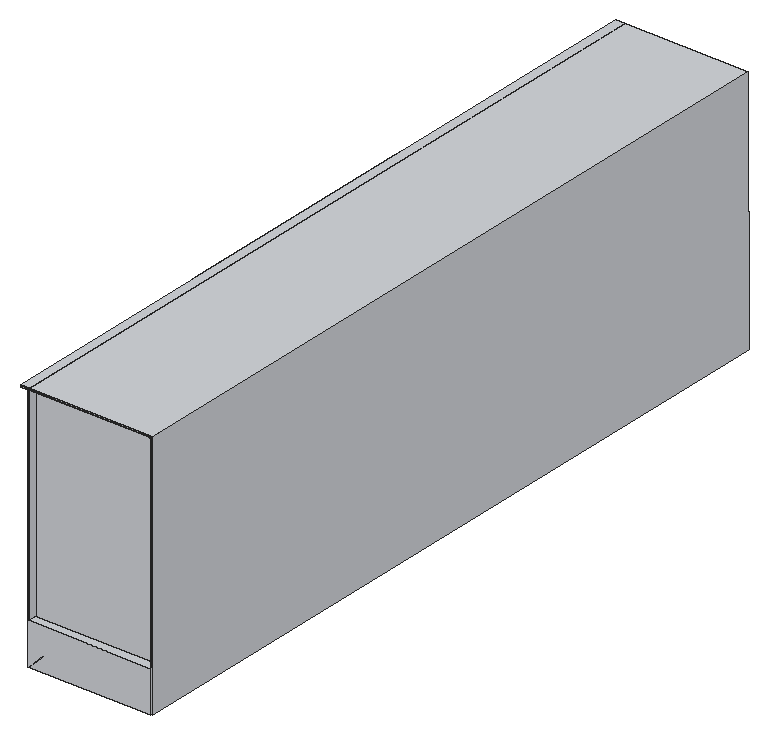
Revit family "Plenum (P-N, P-L) (Arrangement A) (Oval Inlet)", category Mechanical Equipment, Revit 2015
Parameters
  Width = 0' - 6"
  URL = "https://unitedenertech.com/catalog/pdf/I_2%20Model%20P-N,%20P-L,%20P-EX,%20P-N-SL,%20P-L-SL,%20P-EX-SL.pdf"
  Type Comments = "Consult Factory for Max. Sizes"
  P-L (Insulation Option) = yes
  Model = "P-N / P-L (Arrangement A) (Oval Inlet)"
  Manufacturer = "United Enertech Corporation"
  Major Axis = 1' - 6"
  Length = 3' - 0"
  Keynote = "Model Shown without Damper Option. Consult Factory for Models with Dampers."
  Minor Axis = 0' - 6"
  Hem Option = yes
  Height = 1' - 0"
  Description = "Plenum for Diffusers"
  Center-Center [instance] = Major Axis - Minor Axis  # 1' - 0"
Reference planes (in)
  plane 1 "Center (Front/Back)": y = 0
  plane 2: z = 0
  plane 3 "Center (Left/Right)": x = 0
  plane 4: x = 6
  plane 5: x = -1.5
  plane 6: x = 0.035
  plane 7: x = 5.965
  plane 8: z = 12
  plane 9: z = 11.965
  plane 10: z = 11.93
  plane 11: z = 11
  plane 12: z = 2
  plane 13: z = 5
  plane 14: z = 8
  plane 15: y = 18
  plane 16: y = -18
  plane 17: y = 6
  plane 18: y = -6
  plane 19: y = -17.965
  plane 20: y = 17.965
  plane 21: x = -0.375
  plane 22: y = 17.59
  plane 23: y = 17.55484
  plane 24: y = -17.59
  plane 25: y = -17.55484
  plane 26: z = 1.96484
  plane 27: x = 0.07016
  plane 28: x = 5.92984
  plane 29: y = 17.05484
  plane 30: x = 0.57016
  plane 31: x = 5.42984
  plane 32: y = -17.05484
  plane 33: z = 11.43
  plane 34: y = 9
  plane 35: y = -9
  plane 36: z = 4.96484
  plane 37: y = -9.03516
  plane 38: y = 9.03516
  plane 39: z = 11.03516
Forms (in)
  Extrusion 1, solid
    sketch origin (0, 0, 0) x (1, 0, 0) y (0, 0, 1)
      loop
        line (-0.375, 12) -> (-0.375, 11.965) -> (5.965, 11.965) -> (5.965, 0) -> (6, 0) -> (6, 12) -> (-0.375, 12)
    from -17.965 to 17.965
  Extrusion 2, solid
    sketch origin (0, 0, 0) x (1, 0, 0) y (0, 0, 1)
      loop
        line (-0.375, 11.965) -> (-0.375, 11.93) -> (0, 11.93) -> (0, 0) -> (0.035, 0) -> (0.035, 11.965) -> (-0.375, 11.965)
    from -17.965 to 17.965
  Extrusion 3, solid
    sketch origin (0, 0, 0) x (0, 1, 0) y (0, 0, 1)
      loop
        line (17.965, 11.965) -> (17.55484, 11.965) -> (17.55484, 1.96484) -> (17.965, 1.96484) -> (17.965, 0) -> (18, 0) -> (18, 2) -> (17.59, 2) -> (17.59, 11.93) -> (17.965, 11.93) -> (17.965, 11.965)
    from 0.035 to 5.965
  Extrusion 4, solid
    sketch origin (0, 0, 0) x (0, 1, 0) y (0, 0, 1)
      loop
        line (-17.965, 11.965) -> (-17.965, 11.93) -> (-17.59, 11.93) -> (-17.59, 2) -> (-18, 2) -> (-18, 0) -> (-17.965, 0) -> (-17.965, 1.96484) -> (-17.55484, 1.96484) -> (-17.55484, 11.965) -> (-17.965, 11.965)
    from 0.035 to 5.965
  Extrusion 5, solid
    sketch origin (0, 0, 0) x (1, 0, 0) y (0, 0, 1)
      loop
        line (0.035, 2) -> (0.07016, 2) -> (0.07016, 11.93) -> (0.035, 11.93) -> (0.035, 2)
    from 17.59 to 17.965
  Extrusion 6, solid
    sketch origin (0, 0, 0) x (1, 0, 0) y (0, 0, 1)
      loop
        line (0.035, 2) -> (0.07016, 2) -> (0.07016, 11.93) -> (0.035, 11.93) -> (0.035, 2)
    from -17.965 to -17.59
  Extrusion 7, solid
    sketch origin (0, 0, 0) x (1, 0, 0) y (0, 0, 1)
      loop
        line (5.92984, 2) -> (5.965, 2) -> (5.965, 11.93) -> (5.92984, 11.93) -> (5.92984, 2)
    from 17.59 to 17.965
  Extrusion 8, solid
    sketch origin (0, 0, 0) x (1, 0, 0) y (0, 0, 1)
      loop
        line (5.92984, 2) -> (5.965, 2) -> (5.965, 11.93) -> (5.92984, 11.93) -> (5.92984, 2)
    from -17.965 to -17.59
  Extrusion 9, solid, material "Rigid insulation", visible <- "P-L (Insulation Option)"
    sketch origin (0, 0, 0) x (1, 0, 0) y (0, 0, 1)
      loop
        line (0.07016, 11.43) -> (5.92984, 11.43) -> (5.92984, 11.93) -> (0.07016, 11.93) -> (0.07016, 11.43)
    from -17.55484 to 17.55484
  Extrusion 10, solid, material "Rigid insulation", visible <- "P-L (Insulation Option)"
    sketch origin (0, 0, 0) x (1, 0, 0) y (0, 1, 0)
      loop
        line (0.57016, -17.05484) -> (5.42984, -17.05484) -> (5.42984, 17.05484) -> (0.57016, 17.05484) -> (0.57016, -17.05484)
      loop
        line (0.07016, -17.55484) -> (5.92984, -17.55484) -> (5.92984, 17.55484) -> (0.07016, 17.55484) -> (0.07016, -17.55484)
    from 2 to 11.43
  Extrusion 11, solid, visible <- "Hem Option"
    sketch origin (0, 0, 0) x (1, 0, 0) y (0, 0, 1)
      loop
        line (0.07016, 0) -> (0.77726, 0.70711) -> (0.7524, 0.73197) -> (0.07016, 0.04972) -> (0.07016, 0)
    from -17.965 to 17.965
  Extrusion 12, solid, visible <- "Hem Option"
    sketch origin (0, 0, 0) x (1, 0, 0) y (0, 0, 1)
      loop
        line (5.92984, 0) -> (5.92984, 0.04972) -> (5.2476, 0.73197) -> (5.22274, 0.70711) -> (5.92984, 0)
    from -17.965 to 17.965
  Extrusion 13, void
    sketch origin (0, 0, 0) x (0, 1, 0) y (0, 0, 1)
      loop
        arc (6, 5) -> (9, 8) -> (6, 11) r 3
        line (6, 11) -> (-6, 11)
        arc (-6, 11) -> (-9, 8) -> (-6, 5) r 3
        line (-6, 5) -> (6, 5)
    from -1.5 to 0.57016
  Extrusion 14, solid
    sketch origin (0, 0, 0) x (0, 1, 0) y (0, 0, 1)
      loop
        arc (6, 5) -> (9, 8) -> (6, 11) r 3
        line (6, 11) -> (-6, 11)
        arc (-6, 11) -> (-9, 8) -> (-6, 5) r 3
        line (-6, 5) -> (6, 5)
      loop
        line (6, 11.03516) -> (-6, 11.03516)
        arc (-6, 11.03516) -> (-9.03516, 8) -> (-6, 4.96484) r 3.03516
        line (-6, 4.96484) -> (6, 4.96484)
        arc (6, 4.96484) -> (9.03516, 8) -> (6, 11.03516) r 3.03516
    from -1.5 to 0
Cuts and joins
  Extrusion 13 cuts Extrusion 1
  Extrusion 13 cuts Extrusion 2
  Extrusion 13 cuts Extrusion 10
Dimensions and locks (in)
  locked: plane 5 to plane 3 "Center (Left/Right)" at 1.5
  locked: plane 3 "Center (Left/Right)" to plane 6 at 0.035
  locked: plane 7 to plane 4 at 0.035
  locked: plane 8 to plane 9 at 0.035
  locked: plane 9 to plane 10 at 0.035
  locked: plane 8 to plane 11 at 1
  "Height": plane 8 to level
  locked: plane 12 to level at 2
  equal spacing: plane 11, plane 14, plane 13
  "Minor Axis": plane 11 to plane 13
  "Width": plane 3 "Center (Left/Right)" to plane 4
  equal spacing: plane 15, plane 1 "Center (Front/Back)", plane 16
  "Length": plane 15 to plane 16
  equal spacing: plane 17, plane 1 "Center (Front/Back)", plane 18
  locked: plane 19 to plane 16 at 0.035
  locked: plane 20 to plane 15 at 0.035
  locked: plane 3 "Center (Left/Right)" to plane 21 at 0.375
  locked: plane 20 to plane 22 at 0.375
  locked: plane 22 to plane 23 at 0.03516
  locked: plane 24 to plane 19 at 0.375
  locked: plane 25 to plane 24 at 0.03516
  locked: plane 12 to plane 26 at 0.03516
  locked: plane 27 to plane 6 at 0.03516
  locked: plane 28 to plane 7 at 0.03516
  locked: plane 23 to plane 29 at 0.5
  locked: plane 27 to plane 30 at 0.5
  locked: plane 31 to plane 28 at 0.5
  locked: plane 32 to plane 25 at 0.5
  locked: plane 10 to plane 33 at 0.5
  locked: Extrusion 11 sketch curve to Extrusion 11 sketch curve at 1
  locked: Extrusion 12 sketch curve to Extrusion 12 sketch curve at 1
  "Center-Center": plane 17 to plane 18
  equal spacing: plane 34, plane 1 "Center (Front/Back)", plane 35
  "Major Axis": plane 34 to plane 35
  locked: plane 13 to plane 36 at 0.03516
  locked: plane 35 to plane 37 at 0.03516
  locked: plane 38 to plane 34 at 0.03516
  locked: plane 39 to plane 11 at 0.03516
  locked: level to Extrusion 11 sketch curve (angle 45.00°)
  locked: Extrusion 12 sketch curve to level (angle 45.00°)
  aligned and locked: level to plane 2
  aligned and locked: plane 21 to Extrusion 1 sketch curve
  aligned and locked: Extrusion 1 sketch curve to plane 8
  aligned and locked: plane 4 to Extrusion 1 sketch curve
  aligned and locked: level to Extrusion 1 sketch curve
  aligned and locked: Extrusion 1 sketch curve to plane 7
  aligned and locked: plane 9 to Extrusion 1 sketch curve
  aligned and locked: Extrusion 1 to plane 20
  aligned and locked: Extrusion 1 to plane 19
  aligned and locked: Extrusion 2 sketch curve to plane 9
  aligned and locked: plane 21 to Extrusion 2 sketch curve
  aligned and locked: plane 10 to Extrusion 2 sketch curve
  aligned and locked: Extrusion 2 sketch curve to plane 6
  aligned and locked: plane 3 "Center (Left/Right)" to Extrusion 2 sketch curve
  aligned and locked: level to Extrusion 2 sketch curve
  aligned and locked: Extrusion 2 to plane 19
  aligned and locked: Extrusion 2 to plane 20
  aligned and locked: Extrusion 3 sketch curve to plane 9
  aligned and locked: plane 20 to Extrusion 3 sketch curve
  aligned and locked: plane 10 to Extrusion 3 sketch curve
  aligned and locked: Extrusion 3 sketch curve to plane 15
  aligned and locked: level to Extrusion 3 sketch curve
  aligned and locked: Extrusion 3 sketch curve to plane 20
  aligned and locked: plane 26 to Extrusion 3 sketch curve
  aligned and locked: Extrusion 3 sketch curve to plane 12
  aligned and locked: plane 22 to Extrusion 3 sketch curve
  aligned and locked: Extrusion 3 sketch curve to plane 23
  aligned and locked: Extrusion 3 to plane 6
  aligned and locked: Extrusion 3 to plane 7
  aligned and locked: plane 9 to Extrusion 4 sketch curve
  aligned and locked: Extrusion 4 sketch curve to plane 19
  aligned and locked: Extrusion 4 sketch curve to plane 10
  aligned and locked: Extrusion 4 sketch curve to level
  aligned and locked: Extrusion 4 sketch curve to plane 16
  aligned and locked: plane 19 to Extrusion 4 sketch curve
  aligned and locked: Extrusion 4 sketch curve to plane 26
  aligned and locked: plane 12 to Extrusion 4 sketch curve
  aligned and locked: Extrusion 4 sketch curve to plane 24
  aligned and locked: plane 25 to Extrusion 4 sketch curve
  aligned and locked: Extrusion 4 to plane 6
  aligned and locked: Extrusion 4 to plane 7
  aligned and locked: plane 10 to Extrusion 5 sketch curve
  aligned and locked: Extrusion 5 sketch curve to plane 6
  aligned and locked: plane 27 to Extrusion 5 sketch curve
  aligned and locked: Extrusion 5 sketch curve to plane 12
  aligned and locked: Extrusion 6 to plane 20
  aligned and locked: plane 22 to Extrusion 6
  aligned and locked: plane 24 to Extrusion 5
  aligned and locked: Extrusion 5 to plane 19
  aligned and locked: Extrusion 7 sketch curve to plane 12
  aligned and locked: Extrusion 7 sketch curve to plane 7
  aligned and locked: Extrusion 7 sketch curve to plane 28
  aligned and locked: plane 10 to Extrusion 7 sketch curve
  aligned and locked: Extrusion 8 to plane 20
  aligned and locked: plane 22 to Extrusion 8
  aligned and locked: Extrusion 7 to plane 19
  aligned and locked: plane 24 to Extrusion 7
  aligned and locked: plane 10 to Extrusion 9 sketch curve
  aligned and locked: plane 28 to Extrusion 9 sketch curve
  aligned and locked: Extrusion 9 sketch curve to plane 27
  aligned and locked: Extrusion 9 sketch curve to plane 33
  aligned and locked: Extrusion 9 to plane 25
  aligned and locked: Extrusion 9 to plane 23
  aligned and locked: Extrusion 10 sketch curve to plane 27
  aligned and locked: Extrusion 10 sketch curve to plane 23
  aligned and locked: plane 28 to Extrusion 10 sketch curve
  aligned and locked: Extrusion 10 sketch curve to plane 25
  aligned and locked: Extrusion 10 sketch curve to plane 32
  aligned and locked: Extrusion 10 sketch curve to plane 30
  aligned and locked: plane 31 to Extrusion 10 sketch curve
  aligned and locked: plane 29 to Extrusion 10 sketch curve
  aligned and locked: Extrusion 10 to plane 12
  aligned and locked: plane 33 to Extrusion 10
  aligned and locked: plane 27 to Extrusion 11 sketch curve
  aligned and locked: level to Extrusion 11 sketch curve
  aligned and locked: Extrusion 11 to plane 19
  aligned and locked: Extrusion 11 to plane 20
  aligned and locked: plane 28 to Extrusion 12 sketch curve
  aligned and locked: level to Extrusion 12 sketch curve
  aligned and locked: Extrusion 12 to plane 20
  aligned and locked: Extrusion 12 to plane 19
  aligned and locked: Extrusion 13 sketch curve to plane 11
  aligned and locked: plane 18 to Extrusion 13 sketch curve  (x2)
  aligned and locked: plane 17 to Extrusion 13 sketch curve  (x2)
  aligned and locked: Extrusion 13 sketch curve to plane 13
  aligned and locked: plane 30 to Extrusion 13
  aligned and locked: Extrusion 13 to plane 5
  aligned and locked: Extrusion 14 sketch curve to plane 13
  aligned and locked: plane 17 to Extrusion 14 sketch curve  (x4)
  aligned and locked: plane 18 to Extrusion 14 sketch curve  (x4)
  aligned and locked: Extrusion 14 sketch curve to plane 11
  aligned and locked: Extrusion 14 sketch curve to plane 36
  aligned and locked: Extrusion 14 sketch curve to plane 39
  aligned and locked: Extrusion 14 to plane 5
  aligned and locked: plane 3 "Center (Left/Right)" to Extrusion 14
Automatic sketch dimensions
  Extrusion 6 sketch curve to plane 6 = 0' - 0"
  Extrusion 6 sketch curve to plane 10 = 0' - 0"
  Extrusion 6 sketch curve to plane 27 = 0' - 0"
  Extrusion 6 sketch curve to plane 12 = 0' - 0"
  Extrusion 8 sketch curve to plane 10 = 0' - 0"
  Extrusion 8 sketch curve to plane 28 = 0' - 0"
  plane 7 to Extrusion 8 sketch curve = 0' - 0"
  Extrusion 8 sketch curve to plane 12 = 0' - 0"
  Extrusion 11 sketch curve to Extrusion 11 sketch curve = 0' - 0.02486"
  Extrusion 12 sketch curve to Extrusion 12 sketch curve = 0' - 0.02486"
